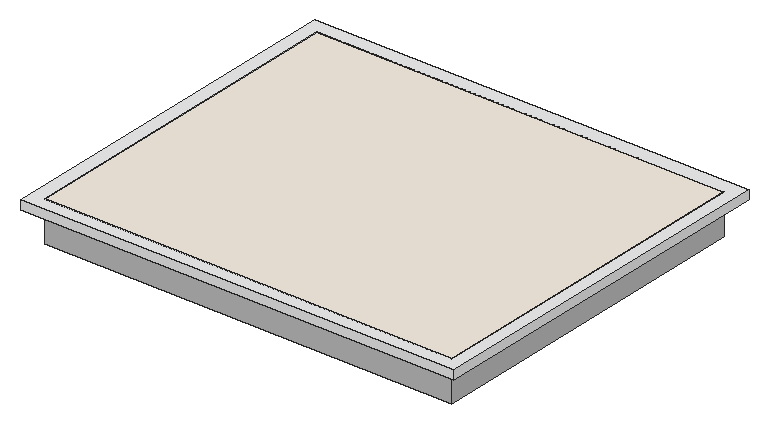
Revit family "Lighting-Industriale-GEWISS-ELIA-HL-LED_RIFLETTORE", category Apparecchi per illuminazione, host Superficie, Revit 2019 (continued)
Types (12, lengths in mm): name | Tensione | Scheda Tecnica | Potenza di sistema | Peso (kg): | Peso (kg) | Ottica | built-in parameter 1150142 | Lumen output (lm) | Modello | IDT | File diagramma fotometrico | Description
    752.23 6528.04 6308.03 6094.97 5890.28 \r\n5689.76 5490.63 5294.28 5106.30 4919.70 4737.28 4560.44 \r\n4386.38 4217.88 4059.14 3908.75 3766.71 3630.25 3497.96 \r\n3369.85 3247.31 3130.34 3016.16 2904.76 2799.20 2696.16 \r\n2596.59 2499.68 2404.57 2311.69 2220.76 2132.47 2046.98 \r\n1964.96 1886.98 1812.34 1740.63 1671.42 1603.46 1538.99 \r\n1479.95 1424.67 1372.03 1321.20 1270.52 1221.50 1175.27 \r\n1131.13 1088.66 1047.44 1006.64 966.95 928.10 891.76 \r\n858.89 829.37 805.14 781.19 751.11 720.20 692.21 664.92 \r\n637.07 610.19 587.22 565.49 543.08 521.21 500.46 480.27 \r\n459.25 438.78 418.86 401.60 390.04 379.87 366.37 352.16 \r\n339.49 325.01 304.68 282.96 264.21 245.68 226.07 205.73 \r\n184.49 162.56 139.60 117.04 96.24 77.13 60.07 45.09 32.29 \r\n21.87 14.20 8.89 5.63 4.53 \r\n20514.31 20511.53 20504.56 20492.03 20475.32 20453.04 \r\n20427.98 20401.52 20368.10 20329.11 20288.73 20239.99 \r\n20188.47 20131.37 20072.89 20010.23 19944.78 19876.55 \r\n19806.92 19733.12 19657.92 19578.55 19496.39 19408.67 \r\n19316.76 19222.07 19123.20 19021.55 18914.33 18800.14 \r\n18681.78 18563.42 18438.09 18309.98 18177.70 18041.23 \r\n17903.37 17764.12 17620.70 17475.88 17329.66 17177.88 \r\n17021.92 16859.00 16689.11 16509.48 16322.89 16126.54 \r\n15920.45 15707.40 15487.39 15263.19 15033.43 14793.92 \r\n14544.66 14281.48 14002.98 13706.38 13397.24 13075.58 \r\n12745.55 12409.96 12067.41 11716.50 11368.37 11038.35 \r\n10719.47 10415.90 10123.48 9835.23 9551.16 9265.69 \r\n8983.02 8705.91 8435.76 8175.37 7924.72 7678.24 7438.74 \r\n7204.80 6975.03 6748.06 6525.26 6308.03 6096.37 5890.28 \r\n5689.76 5489.23 5291.50 5100.73 4912.74 4728.93 4550.69 \r\n4372.45 4202.57 4043.82 3892.04 3750.00 3614.93 3482.64 \r\n3355.93 3233.39 3116.42 3002.23 2892.22 2787.23 2684.88 \r\n2585.32 2488.40 2393.01 2299.99 2209.90 2122.87 2038.34 \r\n1957.02 1879.46 1804.96 1733.52 1664.46 1596.64 1532.17 \r\n1473.54 1418.68 1366.32 1315.77 1265.23 1216.35 1170.26 \r\n1126.25 1083.64 1042.43 1001.76 962.36 923.37 887.02 \r\n855.00 826.31 802.36 778.27 748.05 717.14 690.26 663.94 \r\n635.26 607.69 584.71 563.27 540.85 519.12 498.51 478.32 \r\n457.30 436.69 416.78 399.37 388.79 379.04 364.97 349.94 \r\n337.54 323.62 303.15 281.56 262.85 244.52 225.26 205.27 \r\n184.17 162.27 139.25 116.64 95.93 76.92 59.88 44.91 32.11 \r\n21.72 14.12 8.86 5.63 4.52 \r\n20514.31 20511.53 20503.17 20492.03 20475.32 20453.04 \r\n20427.98 20401.52 20368.10 20330.50 20287.33 20239.99 \r\n20188.47 20131.37 20072.89 20010.23 19944.78 19877.94 \r\n19806.92 19733.12 19659.31 19579.94 19499.18 19411.45 \r\n19319.55 19226.25 19127.38 19025.73 18918.51 18804.32 \r\n18685.96 18564.81 18440.88 18312.77 18179.09 18044.01 \r\n17906.16 17766.91 17623.48 17480.05 17332.45 17180.67 \r\n17023.31 16861.78 16691.90 16515.05 16328.45 16130.72 \r\n15926.02 15711.58 15491.56 15267.37 15036.22 14796.70 \r\n14546.06 14282.87 14002.98 13706.38 13397.24 13078.36 \r\n12746.94 12409.96 12068.80 11716.50 11368.37 11036.96 \r\n10718.07 10413.11 10117.91 9828.26 9544.19 9257.34 \r\n8974.66 8696.16 8424.63 8165.62 7914.97 7669.89 7431.77 \r\n7199.23 6972.25 6745.27 6523.86 6308.03 6097.76 5891.67 \r\n5688.36 5486.45 5290.11 5095.16 4905.78 4720.57 4540.94 \r\n4361.31 4187.25 4027.11 3876.72 3734.68 3599.61 3467.33 \r\n3342.00 3220.85 3102.49 2989.70 2881.08 2775.67 2673.88 \r\n2574.31 2477.12 2381.31 2288.30 2199.18 2113.12 2029.71 \r\n1949.22 1871.94 1797.58 1726.42 1657.63 1589.96 1525.48 \r\n1467.28 1412.69 1360.75 1310.48 1260.07 1211.34 1165.52 \r\n1121.52 1078.91 1037.27 997.17 957.90 918.77 882.29 \r\n851.24 823.52 799.57 775.34 744.85 714.21 688.31 662.97 \r\n633.73 605.46 582.34 561.04 538.76 517.17 496.70 476.51 \r\n455.35 434.60 414.55 397.42 387.53 378.48 363.72 347.99 \r\n336.01 322.36 302.03 280.17 261.62 243.51 224.61 204.92 \r\n183.96 162.11 139.03 116.36 95.72 76.80 59.74 44.74 31.94 \r\n21.58 14.04 8.84 5.62 4.51 \r\n20514.31 20511.53 20503.17 20492.03 20475.32 20453.04 \r\n20430.76 20401.52 20368.10 20330.50 20288.73 20241.38 \r\n20188.47 20132.76 20074.28 20010.23 19944.78 19877.94 \r\n19806.92 19734.51 19659.31 19581.34 19499.18 19414.24 \r\n19322.33 19229.03 19130.17 19028.51 18922.68 18807.10 \r\n18690.14 18567.60 18443.66 18314.16 18180.48 18045.41 \r\n17908.94 17768.30 17626.26 17482.84 17335.23 17183.45 \r\n17026.10 16864.57 16694.68 16517.84 16332.63 16136.29 \r\n15930.20 15715.75 15495.74 15270.15 15039.00 14798.10 \r\n14547.45 14281.48 14001.59 13707.77 13398.64 13078.36 \r\n12748.34 12412.75 12070.19 11717.89 11368.37 11035.56 \r\n10715.29 10408.94 10110.94 9822.69 9537.23 9250.38 \r\n8966.31 8687.81 8414.88 8155.87 7905.22 7662.93 7426.20 \r\n7193.66 6966.68 6742.49 6522.47 6309.42 6097.76 5891.67 \r\n5686.97 5487.84 5287.32 5092.37 4898.82 4715.01 4532.59 \r\n4350.17 4174.72 4011.79 3861.40 3719.37 3584.30 3453.40 \r\n3329.47 3206.93 3089.96 2977.17 2869.94 2764.53 2663.30 \r\n2563.87 2466.40 2370.31 2277.16 2188.87 2103.93 2021.63 \r\n1941.98 1864.84 1790.62 1719.74 1651.37 1583.55 1519.36 \r\n1461.43 1407.40 1355.46 1305.33 1255.20 1206.46 1160.93 \r\n1117.20 1074.31 1032.82 992.57 953.72 914.45 878.11 \r\n847.75 820.74 796.79 772.42 742.06 711.29 686.50 661.99 \r\n632.20 603.09 580.12 558.95 536.95 515.23 495.03 474.70 \r\n453.54 432.93 412.74 395.61 386.56 377.92 362.61 346.18 \r\n334.34 321.25 300.78 279.06 260.59 242.67 224.08 204.68 \r\n183.87 162.06 138.92 116.18 95.60 76.75 59.65 44.59 31.80 \r\n21.46 13.96 8.82 5.62 4.51 \r\n20514.31 20511.53 20503.17 20492.03 20475.32 20454.43 \r\n20430.76 20401.52 20368.10 20331.89 20288.73 20241.38 \r\n20189.86 20132.76 20074.28 20010.23 19946.17 19877.94 \r\n19806.92 19734.51 19659.31 19582.73 19501.96 19415.63 \r\n19325.12 19231.82 19134.34 19032.69 18924.08 18809.89 \r\n18691.53 18570.38 18445.06 18315.55 18183.26 18048.19 \r\n17910.34 17769.69 17627.66 17485.62 17338.02 17186.24 \r\n17028.88 16867.35 16697.47 16520.62 16335.42 16140.47 \r\n15934.38 15718.54 15498.53 15272.94 15041.79 14799.49 \r\n14547.45 14280.09 14000.19 13706.38 13398.64 13078.36 \r\n12746.94 12412.75 12070.19 11717.89 11368.37 11034.17 \r\n10713.90 10406.15 10106.76 9818.52 9531.66 9243.41 \r\n8959.34 8679.45 8407.91 8148.91 7898.26 7655.97 7422.03 \r\n7189.48 6963.89 6741.09 6522.47 6309.42 6099.15 5893.06 \r\n5688.36 5486.45 5285.93 5088.19 4894.64 4708.04 4524.23 \r\n4340.42 4162.18 3999.26 3847.48 3705.44 3571.76 3442.26 \r\n3316.93 3195.79 3077.43 2966.03 2858.80 2754.50 2653.83 \r\n2554.12 2456.51 2360.15 2266.99 2179.40 2095.57 2014.11 \r\n1935.16 1858.43 1784.49 1713.89 1645.52 1577.98 1513.65 \r\n1456.14 1402.39 1350.86 1300.87 1250.74 1202.15 1156.75 \r\n1113.16 1070.28 1028.64 988.54 949.82 910.70 874.35 \r\n844.69 818.37 794.56 769.91 739.42 708.78 684.83 661.02 \r\n630.94 601.14 578.03 557.14 535.14 513.55 493.50 473.31 \r\n452.01 431.12 411.07 394.22 385.58 377.65 361.63 344.50 \r\n332.95 320.14 299.94 278.08 259.76 242.00 223.68 204.56 \r\n183.87 162.10 138.90 116.09 95.57 76.74 59.60 44.46 31.68 \r\n21.35 13.90 8.80 5.62 4.50 \r\n20514.31 20511.53 20504.56 20492.03 20475.32 20454.43 \r\n20430.76 20402.91 20369.49 20331.89 20288.73 20241.38 \r\n20189.86 20132.76 20074.28 20010.23 19946.17 19876.55 \r\n19806.92 19734.51 19660.71 19582.73 19503.35 19417.02 \r\n19327.90 19233.21 19135.74 19034.08 18928.25 18814.07 \r\n18694.31 18571.77 18446.45 18316.95 18183.26 18049.59 \r\n17911.73 17772.48 17629.05 17485.62 17339.41 17186.24 \r\n17030.28 16867.35 16698.86 16523.40 16338.20 16141.86 \r\n15937.16 15721.33 15498.53 15274.33 15041.79 14799.49 \r\n14547.45 14278.70 13997.41 13703.59 13397.24 13078.36 \r\n12748.34 12412.75 12070.19 11717.89 11368.37 11034.17 \r\n10711.11 10403.37 10102.59 9812.95 9527.49 9239.24 \r\n8953.77 8672.49 8400.95 8141.95 7894.08 7651.79 7417.85 \r\n7186.69 6962.50 6739.70 6522.47 6310.81 6100.54 5893.06 \r\n5688.36 5485.06 5287.32 5086.80 4890.46 4702.47 4518.66 \r\n4332.07 4152.44 3988.12 3834.94 3695.69 3562.02 3431.12 \r\n3307.19 3184.65 3067.68 2956.28 2849.06 2745.87 2645.47 \r\n2545.77 2447.88 2351.24 2258.22 2171.33 2088.33 2007.57 \r\n1929.45 1852.86 1779.06 1708.74 1640.78 1573.25 1509.05 \r\n1451.68 1398.21 1346.83 1296.84 1246.98 1198.52 1153.27 \r\n1109.82 1066.79 1025.02 985.19 946.62 907.49 871.29 \r\n842.18 816.42 792.47 767.82 737.05 706.55 683.44 660.46 \r\n629.83 599.47 576.36 555.61 533.75 512.44 491.97 472.06 \r\n450.75 429.73 409.67 392.82 384.89 377.37 360.94 343.39 \r\n331.83 319.44 299.11 277.36 259.13 241.54 223.44 204.53 \r\n183.95 162.24 138.97 116.09 95.58 76.80 59.59 44.39 31.57 \r\n21.25 13.84 8.79 5.62 4.50 \r\n20514.31 20511.53 20505.95 20492.03 20475.32 20455.83 \r\n20430.76 20402.91 20369.49 20330.50 20288.73 20241.38 \r\n20188.47 20132.76 20074.28 20010.23 19946.17 19876.55 \r\n19806.92 19734.51 19659.31 19584.12 19503.35 19417.02 \r\n19327.90 19236.00 19138.52 19035.48 18929.65 18815.46 \r\n18695.70 18573.17 18447.84 18316.95 18183.26 18049.59 \r\n17913.12 17771.09 17629.05 17487.01 17342.20 17189.02 \r\n17030.28 16868.75 16698.86 16523.40 16339.60 16144.65 \r\n15938.56 15721.33 15501.31 15275.73 15041.79 14799.49 \r\n14546.06 14278.70 13994.63 13702.20 13398.64 13075.58 \r\n12746.94 12412.75 12070.19 11716.50 11368.37 11034.17 \r\n10711.11 10401.98 10101.19 9811.56 9524.70 9235.06 \r\n8950.99 8669.70 8396.77 8137.77 7889.91 7647.61 7413.67 \r\n7185.30 6959.72 6739.70 6522.47 6310.81 6101.94 5895.85 \r\n5689.76 5486.45 5285.93 5085.41 4887.68 4698.30 4514.48 \r\n4325.11 4144.08 3979.77 3826.59 3687.34 3553.66 3422.77 \r\n3300.23 3177.68 3060.72 2949.32 2840.70 2739.05 2639.07 \r\n2539.36 2441.05 2344.13 2251.12 2164.78 2082.62 2002.69 \r\n1924.99 1848.68 1774.88 1704.70 1637.02 1569.35 1505.29 \r\n1448.20 1395.01 1343.76 1293.91 1244.06 1195.60 1150.48 \r\n1107.32 1064.15 1022.10 982.55 944.12 905.13 868.92 \r\n840.23 814.89 790.94 766.15 735.24 704.88 682.33 659.77 \r\n628.85 598.22 575.10 554.49 532.77 511.33 491.00 470.94 \r\n449.50 428.61 408.56 391.85 384.33 377.37 360.38 342.28 \r\n331.14 318.88 298.55 276.88 258.75 241.26 223.33 204.59 \r\n184.09 162.42 139.11 116.16 95.66 76.89 59.60 44.34 31.50 \r\n21.19 13.80 8.78 5.62 4.50 \r\n" | "27850" | "GWF1000QH840" | "80cbaa94-ca80-4e8b-bda9-d8ddb803a86a" | "GWF1000QH840.IES" | "ELIA HL L2 60° 4000K S.ALONE ON/OFF"
